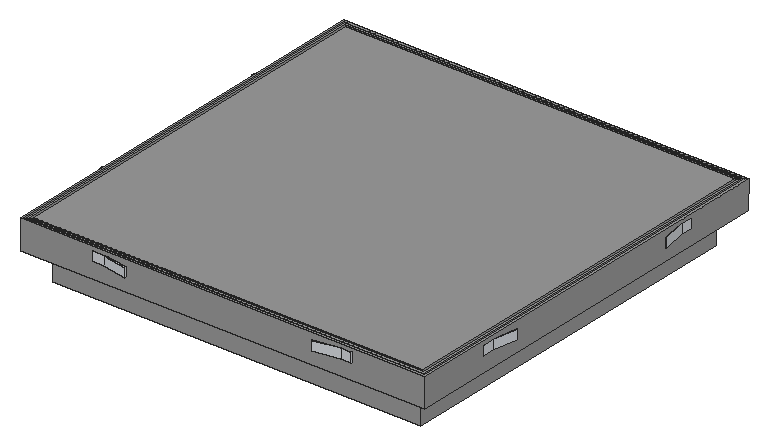
Revit family "WAPT-1000-1000", category Generic Models, host Floor, Revit 2017
Family settings
  Host = Floor
  Can host rebar = No
  Round Connector Dimension = Use Diameter
  Part Type = Normal
  Always vertical = Yes
  Cut with Voids When Loaded = No
  Shared = Yes
  Room Calculation Point = No
Parameters (values of type "WAPT-1000-1000")
  vloerluik = geanodiseerd aluminium
  frame = geanodiseerd aluminium frame
  Weight (kg) = 48
  URL = "https://www.gortergroup.com/nl/producten/vloerluiken/wapt.html"
  Offset [instance] = 0 mm
  Model = "WAPT"
  C = 400 mm
  Bevestiging = "Frame gelaste ankers"
  Belastbaarheid = "7,5 kN/m² volgens NEN-EN1991"
  B = 1000 mm
  A = 1000 mm
Types (6, lengths in mm): name | Weight (kg) | B | A
  (no name) | 48 | 1000 | 1000
  WAPT-600-600 | 24 | 600 | 600
  WAPT-800-800 | 30 | 800 | 800
  WAPT-1000-1000 | 48 | 1000 | 1000
  WAPT-1000-1500 | 103 | 1000 | 1500
  WAPT-1000-2000 | 125 | 1000 | 2000
Reference planes
  plane 1 "Center (Front/Back)": y = 0
  plane 2: z = 0
  plane 3 "Center (Left/Right)": x = 0
  plane 4: y = 500
  plane 5: y = -500
  plane 6: x = -500
  plane 7: x = 500
  plane 8: z = -400
  plane 9: x = -555
  plane 10: y = 555
  plane 11: x = 555
  plane 12: y = -555
  plane 13: x = -532.5
  plane 14: x = 532.5
  plane 15: y = 532.5
  plane 16: y = -532.5
  plane 17: x = -482.5
  plane 18: x = 482.5
  plane 19: x = 505
  plane 20: y = 505
  plane 21: x = -505
  plane 22: y = -505
  plane 23: z = -75
  plane 24: x = 440
  plane 25: x = -440
  plane 26: y = 355
  plane 27: y = -355
  plane 28: x = 355
  plane 29: x = -355
  plane 30: x = 355
  plane 31: x = -355
  plane 32: x = -534.5
  plane 33: x = 534.5
  plane 34: y = -534.5
  plane 35: y = 534.5
  plane 36 "Top": z = 0
  plane 37: z = -25
  plane 38: z = -30
  plane 39: z = -10
  plane 40: y = 463
  plane 41: y = -463
Forms (mm)
  Extrusion 1, void
    sketch origin (0, 0, 0) x (1, 0, 0) y (0, 1, 0)
      loop
        line (-505, 505) -> (-505, -505) -> (505, -505) -> (505, 505) -> (-505, 505)
    from -400 to 0
  Sweep 2, solid, material "geanodiseerd aluminium frame" <- "frame"
    path origin (0, 0, 0) x (-1, 0, 0) y (0, -1, 0)
      loop
        line (500, -500) -> (500, 500) -> (-500, 500) -> (-500, -500) -> (500, -500)
    profile "WAPT_randprofiel : WAG_randprofiel" origin (-500, 0, 0) x (-1, 0, 0) y (0, 0, 1)
      loop
        line (55, -80) -> (55, 0) -> (50, 0) -> (50, -75) -> (5, -75) -> (5, -35) -> (0, -35) -> (0, -160) -> (5, -160) -> (5, -80) -> (55, -80)
  Sweep 3, void
    path origin (0, 0, 0) x (1, 0, 0) y (0, 1, 0)
      loop
        line (-500, 500) -> (-500, -500) -> (500, -500) -> (500, 500) -> (-500, 500)
    profile origin (-500, 0, 0) x (-1, 0, 0) y (0, 0, 1)
      loop
        line (0, 0) -> (0, -130) -> (55, -130) -> (55, 0) -> (0, 0)
  Sweep 4, solid, material "geanodiseerd aluminium frame" <- "frame"
    path origin (0, 0, 0) x (-1, 0, 0) y (0, -1, 0)
      loop
        line (463, -463) -> (463, 463) -> (-463, 463) -> (-463, -463) -> (463, -463)
    profile "WAPT_binnenprofiel : WAG_binnenprofiel" origin (-463, 0, 0) x (-1, 0, 0) y (0, 0, 1)
      loop
        line (0, -80) -> (5, -80) -> (5, -30) -> (82, -30) -> (82, 0) -> (77, 0) -> (77, -25) -> (0, -25) -> (0, -80)
  Extrusion 5, solid, material "geanodiseerd aluminium frame" <- "frame"
    sketch origin (-2542.234, 500, 4000) x (-1, 0, 0) y (0, 0, 1)
      loop
        line (-2079.234, -4025) -> (-3005.234, -4025) -> (-3005.234, -4030) -> (-2079.234, -4030) -> (-2079.234, -4025)
    from -37 to -963
  Extrusion 6, solid, material "geanodiseerd aluminium" <- "vloerluik"
    sketch origin (-2542.234, 500, 4015) x (-1, 0, 0) y (0, 0, 1)
      loop
        line (-2007.734, -4015) -> (-3076.734, -4015) -> (-3076.734, -4040) -> (-2007.734, -4040) -> (-2007.734, -4015)
    from 34.5 to -1034.5
Cuts and joins
  joined: Sweep 4, Extrusion 5
Lines and regions (mm)
  model lines, style "draairichting"
    curve 1: line (-545, 545, 0) -> (0, -545, 0)
    curve 2: line (0, -545, 0) -> (550, 550, 0)
Dimensions and locks
  equal spacing: plane 6, plane 3 "Center (Left/Right)", plane 7
  "A": plane 6 to plane 7
  equal spacing: plane 5, plane 1 "Center (Front/Back)", plane 4
  "B": plane 5 to plane 4
  "C": level to plane 8
  locked: plane 12 to plane 5 at 55
  locked: plane 9 to plane 6 at 55
  locked: plane 7 to plane 11 at 55
  locked: plane 10 to plane 4 at 55
  locked: plane 16 to plane 5 at 32.5
  locked: plane 15 to plane 4 at 32.5
  locked: plane 13 to plane 6 at 32.5
  locked: plane 7 to plane 14 at 32.5
  locked: plane 9 to plane 17 at 72.5
  locked: plane 18 to plane 11 at 72.5
  locked: plane 6 to Sweep 4 sketch curve at 37
  Sweep 4 sketch curve to plane 7 = 37 mm
  locked: plane 12 to plane 22 at 50
  locked: plane 10 to plane 20 at 50
  locked: plane 9 to plane 21 at 50
  locked: plane 19 to plane 11 at 50
  locked: level to plane 23 at 75
  plane 7 to plane 24 = 60 mm
  locked: plane 25 to plane 6 at 60
  plane 10 to plane 26 = 200 mm
  locked: plane 12 to plane 27 at 200
  locked: plane 28 to plane 11 at 200
  locked: plane 9 to plane 29 at 200
  locked: plane 3 "Center (Left/Right)" to plane 30 at 355
  locked: plane 31 to plane 3 "Center (Left/Right)" at 355
  plane 13 to plane 9 = 22.5 mm
  locked: plane 32 to plane 9 at 20.5
  locked: plane 33 to plane 11 at 20.5
  locked: plane 12 to plane 34 at 20.5
  plane 35 to plane 10 = 20.5 mm
  cut or joined group of Sweep 4, Extrusion 5 to Sweep 2 to Sweep 2 = 5 mm, 125 mm
  locked: plane 36 "Top" to plane 37 at 25
  locked: plane 37 to plane 38 at 5
  locked: plane 36 "Top" to plane 39 at 10
  "Offset": plane 36 "Top" to level
  locked: plane 40 to plane 4 at 37
  locked: plane 5 to plane 41 at 37
  aligned and locked: level to plane 2
  aligned and locked: Extrusion 1 to plane 8
  aligned and locked: level to Extrusion 1
  aligned and locked: Sweep 2 sketch curve to plane 4
  aligned and locked: plane 6 to Sweep 2 sketch curve
  aligned and locked: Sweep 2 sketch curve to plane 5
  aligned and locked: Sweep 2 sketch curve to plane 7
  aligned and locked: Sweep 3 sketch curve to plane 9
  aligned and locked: plane 6 to Sweep 3 sketch curve
  aligned and locked: plane 2 to Sweep 3 sketch curve
  aligned and locked: Extrusion 1 sketch curve to plane 19
  aligned and locked: Extrusion 1 sketch curve to plane 20
  aligned and locked: plane 21 to Extrusion 1 sketch curve
  aligned and locked: Extrusion 1 sketch curve to plane 22
  aligned and locked: nested 1 to plane 11
  aligned and locked: nested 1 to plane 26
  aligned and locked: nested 2 to plane 9
  aligned and locked: plane 26 to nested 2
  aligned and locked: plane 27 to nested 3
  aligned and locked: nested 4 to plane 27
  aligned and locked: plane 11 to nested 3
  aligned and locked: plane 11 to nested 1
  aligned and locked: plane 10 to nested 5
  aligned and locked: plane 28 to nested 5
  aligned and locked: nested 6 to plane 10
  aligned and locked: nested 6 to plane 29
  aligned and locked: plane 12 to nested 7
  aligned and locked: nested 8 to plane 12
  aligned and locked: plane 29 to nested 8
  aligned and locked: nested 7 to plane 28
  aligned and locked: plane 9 to nested 4
  aligned and locked: cut or joined group of Sweep 4, Extrusion 5 to Extrusion 5 sketch curve
  aligned and locked: Extrusion 5 sketch curve to cut or joined group of Sweep 4, Extrusion 5
  aligned and locked: Extrusion 6 to plane 32
  aligned and locked: Extrusion 6 to plane 33
  aligned and locked: plane 34 to Extrusion 6
  aligned and locked: plane 35 to Extrusion 6
  aligned and locked: plane 37 to cut or joined group of Sweep 4, Extrusion 5
  aligned and locked: cut or joined group of Sweep 4, Extrusion 5 to plane 38
  aligned and locked: plane 36 "Top" to Extrusion 6
  aligned and locked: Extrusion 6 to plane 37
  aligned and locked: plane 39 to nested 3
  aligned and locked: nested 1 to plane 39
  aligned and locked: plane 39 to nested 5
  aligned and locked: nested 6 to plane 39
  aligned and locked: nested 4 to plane 39
  aligned and locked: plane 39 to nested 2
  aligned and locked: plane 39 to nested 8
  aligned and locked: nested 7 to plane 39
  aligned and locked: cut or joined group of Sweep 4, Extrusion 5 to plane 40
  aligned and locked: plane 41 to cut or joined group of Sweep 4, Extrusion 5
  aligned and locked: plane 3 "Center (Left/Right)" to curve 1
Automatic sketch dimensions
  plane 5 to Sweep 3 sketch curve = 0 mm
  Sweep 3 sketch curve to plane 6 = 0 mm
  Sweep 3 sketch curve to plane 7 = 0 mm
  Sweep 3 sketch curve to plane 4 = 0 mm
  Sweep 3 sketch curve to level = 130 mm
  Extrusion 6 sketch curve to plane 18 = 52 mm
  Extrusion 6 sketch curve to plane 17 = 52 mm
  Extrusion 6 sketch curve to level = 25 mm
  Extrusion 6 sketch curve to Extrusion 6 sketch curve = 25 mm
  curve 1 to Extrusion 6 = 10.5 mm  (x3)
  curve 2 to Extrusion 6 = 15.5 mm  (x2)
  Sweep 4 sketch curve to plane 4 = 37 mm
  Sweep 4 sketch curve to plane 5 = 37 mm
  Extrusion 5 sketch curve to plane 23 = 50 mm
  Extrusion 5 sketch curve to Extrusion 5 sketch curve = 5 mm
Nested families
  nested 1: "WAG_klemstrip" at (555, 355, -35), type "WAG_klemstrip"
  nested 2: "WAG_klemstrip" at (-555, 355, -35) x (-1, 0, 0) z (0, 0, 1), type "WAG_klemstrip"
  nested 3: "WAG_klemstrip" at (555, -355, -35), type "WAG_klemstrip"
  nested 4: "WAG_klemstrip" at (-555, -355, -35) x (-1, 0, 0) z (0, 0, 1), type "WAG_klemstrip"
  nested 5: "WAG_klemstrip" at (355, 555, -35) x (0, 1, 0) z (0, 0, 1), type "WAG_klemstrip"
  nested 6: "WAG_klemstrip" at (-355, 555, -35) x (0, 1, 0) z (0, 0, 1), type "WAG_klemstrip"
  nested 7: "WAG_klemstrip" at (355, -555, -35) x (0, -1, 0) z (0, 0, 1), type "WAG_klemstrip"
  nested 8: "WAG_klemstrip" at (-355, -555, -35) x (0, -1, 0) z (0, 0, 1), type "WAG_klemstrip"
Definition of nested family "WAG_klemstrip"
  Reference planes
    plane 1 "Center (Front/Back)": y = 0
    plane 2: z = 0
    plane 3 "Center (Left/Right)": x = 0
    plane 4: z = 25
  Forms (mm)
    Extrusion 1, solid
      sketch origin (0, 0, 0) x (1, 0, 0) y (0, 1, 0)
        loop
          line (0, 0) -> (2, 0) -> (2, 29.825) -> (14.125, 98.589) -> (12.155, 98.937) -> (0, 30) -> (0, 0)
      from 0 to 25
  Dimensions and locks
    locked: plane 4 to level at 25
    aligned and locked: level to plane 2
    aligned and locked: plane 4 to Extrusion 1
